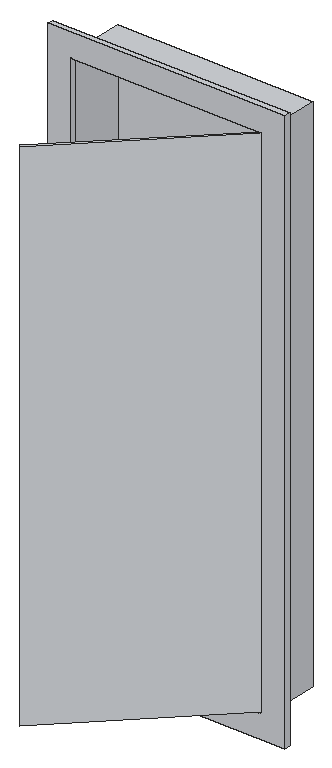
Revit family "Volta-IP30-Hollow_wall-leer-NoHosted-AT-de", category Electrical Equipment, Revit 2020
Family settings
  Panel Configuration = Two Columns, Circuits Across
  Round Connector Dimension = Use Diameter
  Part Type = Panelboard
  Work Plane-Based = Yes
  Always vertical = Yes
  Cut with Voids When Loaded = No
  Shared = No
  Room Calculation Point = No
Parameters (values of type "Unterputz IP30 B348 H880.5 T98 12 Teilungseinheiten - VH60WWH")
  Width Control [instance] = if([HG000006 - Unterputz], if([EF000846 - Einbaubreite] > min_whd, [EF000846 - Einbaubreite], min_whd), if([EF000008 - Breite] > min_whd, ([EF000008 - Breite]), min_whd))  # 314 mm
  Void Depth [instance] = if([EF000218 - Einbautiefe] > 1 mm, [EF000218 - Einbautiefe], 1 mm)  # 89 mm
  Type Comments = [HG000003 - Bereich]  # "Volta"
  System Height [instance] = Height Control - 2 * [HG000005 - Dicke]  # 839 mm
  Panel Name [instance] = ""  # (empty or 0)
  Offset [instance] = 0 mm
  Model = [HG000004 - Herstellerreferenz]  # "VH60WWH"
  Level Offset [instance] = [Flush Mounted - Door Frame Width] + Offset  # 35 mm
  HG000011 - Leere Reihen von unten = no
  HG000010 - Asymmetrische Türen = no
  HG000009 - Doppelflügeligen Tür = no
  HG000008 - Anzahl der leeren Reihen = 0
  HG000007 - Anzahl der leeren Spalten = 0
  HG000006 - Unterputz = yes
  HG000005 - Dicke = 3 mm  # constant formula
  HG000004 - Herstellerreferenz = "VH60WWH"
  HG000003 - Bereich = "Volta"
  HG000002 - Mit tür = yes
  HG000001 - Anzahl der Spalten = 0
  EF015941 - Signaldurchlassende Tür = no
  EF015777 - Neutralleiterklemmenblock = no
  EF015776 - Erdungsklemmenblock = no
  EF009212 - Ausführung Deckel = "EV009916 - mit Ausschnitt"
  EF006306 - Mit Schloss = no
  EF006244 - Transparenter Deckel/Tür = no
  EF005474 - Schutzart (IP) = "EV006410 - IP30"
  EF004462 - Art der Schließung = "EV000154 - sonstige"
  EF002950 - Breite in Teilungseinheiten = 12
  EF001596 - Werkstoff des Gehäuses = "EV000154 - sonstige"
  EF001134 - DIN-Schiene = yes
  EF001131 - Innentiefe = 92 mm
  EF001088 - Anbaumöglichkeit = yes
  EF001062 - EMV-Ausführung = no
  EF000846 - Einbaubreite = 314 mm
  EF000339 - Art der Abdeckung = "EV004216 - Tür"
  EF000332 - Einbauhöhe = 845 mm
  EF000266 - Anzahl der Reihen = 0
  EF000218 - Einbautiefe = 89 mm
  EF000118 - Mit Montageplatte = yes
  EF000116 - RAL-Nummer = "9010"
  EF000049 - Tiefe = 98 mm
  EF000040 - Höhe = 880 mm
  EF000008 - Breite = 348 mm
  EF000007 - Farbe = "EV000202 - weiß"
  EF000003 - Montageart = "EV000128 - Hohlwand"
  Description = ""
  Default Elevation = 1219.2 mm
  Arrow Offset [instance] = Depth Control / 8  # 11.125 mm
  Arrow Height [instance] = Depth Control - Arrow Offset  # 77.875 mm
  Host Offset [instance] = if([HG000006 - Unterputz], 0 mm, [EF000049 - Tiefe])  # 0 mm
  min_whd [instance] = (2 * [HG000005 - Dicke]) + 1 mm  # 7 mm
  Manufacturer = "Hager"  # constant formula
  Height Control [instance] = if([HG000006 - Unterputz], if([EF000332 - Einbauhöhe] > min_whd, [EF000332 - Einbauhöhe], min_whd), if([EF000040 - Höhe] > min_whd, ([EF000040 - Höhe]), min_whd))  # 845 mm
  Flush Mounted - Door Frame Width [instance] = if(([EF000040 - Höhe] - [EF000332 - Einbauhöhe]) > 0 mm, if([HG000006 - Unterputz], [EF000040 - Höhe] - [EF000332 - Einbauhöhe], 0 mm), 0 mm)  # 35 mm
  Tür rechts [instance] = yes
  Tür links [instance] = not(Tür rechts)  # no
  Türschwenkwinkel [instance] = 45.00°
  3D-Türsichtbarkeit [instance] = yes
  Depth Control [instance] = if([HG000006 - Unterputz], if([EF000218 - Einbautiefe] > 0 mm, [EF000218 - Einbautiefe], 1 mm), if([EF000049 - Tiefe] > 0 mm, ([EF000049 - Tiefe]), 1 mm))  # 89 mm
  Sichtbarkeit der Türöffnung [instance] = no
Types (10, lengths in mm): name | System Height | Model | Level Offset | HG000004 - Herstellerreferenz | EF000332 - Einbauhöhe | EF000040 - Höhe | Height Control | Flush Mounted - Door Frame Width
  Unterputz IP30 B348 H505.5 T98 12 Teilungseinheiten - VH24NWB | 464 | "VH24NWB" | 36 | "VH24NWB" | 470 | 506 | 470 | 36
  Unterputz IP30 B348 H630.5 T98 12 Teilungseinheiten - VH36NW | 589 | "VH36NW" | 35 | "VH36NW" | 595 | 630 | 595 | 35
  Unterputz IP30 B348 H630.5 T98 12 Teilungseinheiten - VH36NWB | 589 | "VH36NWB" | 35 | "VH36NWB" | 595 | 630 | 595 | 35
  Unterputz IP30 B348 H630.5 T98 12 Teilungseinheiten - VH36WWH | 589 | "VH36WWH" | 35 | "VH36WWH" | 595 | 630 | 595 | 35
  Unterputz IP30 B348 H755.5 T98 12 Teilungseinheiten - VH48NW | 714 | "VH48NW" | 36 | "VH48NW" | 720 | 756 | 720 | 36
  Unterputz IP30 B348 H755.5 T98 12 Teilungseinheiten - VH48NWB | 714 | "VH48NWB" | 36 | "VH48NWB" | 720 | 756 | 720 | 36
  Unterputz IP30 B348 H755.5 T98 12 Teilungseinheiten - VH48WWH | 714 | "VH48WWH" | 36 | "VH48WWH" | 720 | 756 | 720 | 36
  Unterputz IP30 B348 H880.5 T98 12 Teilungseinheiten - VH60NW | 839 | "VH60NW" | 35 | "VH60NW" | 845 | 880 | 845 | 35
  Unterputz IP30 B348 H880.5 T98 12 Teilungseinheiten - VH60NWB | 839 | "VH60NWB" | 35 | "VH60NWB" | 845 | 880 | 845 | 35
  Unterputz IP30 B348 H880.5 T98 12 Teilungseinheiten - VH60WWH | 839 | "VH60WWH" | 35 | "VH60WWH" | 845 | 880 | 845 | 35
Reference planes
  plane 1 "Center (Front/Back)": y = 0
  plane 2: z = 0
  plane 3 "Center (Left/Right)": x = 0
  plane 4: y = 38
  plane 5: y = 89
  plane 6: y = 35
  plane 7: z = 0
  plane 8: x = -157
  plane 9: x = 157
  plane 10: x = 154
  plane 11: x = -154
  plane 12: z = 35
  plane 13: z = 38
  plane 14: y = 5
  plane 15: y = 0
  plane 16: y = 86
  plane 17: z = 877
  plane 18: z = 880
  plane 19: z = 457.5
  plane 20: x = 2000
  plane 21: x = 0
  plane 22: y = -2100
  plane 23: y = -100
Forms (mm)
  Extrusion 1, solid
    sketch origin (-208.679, -4572, 35) x (-1, 0, 0) y (0, -1, 0)
      loop
        line (-51.679, -4572) -> (-365.679, -4572) -> (-365.679, -4661) -> (-51.679, -4661) -> (-51.679, -4572)
    from 0 to 845 <- "Height Control"
  Extrusion 2, void
    sketch origin (-350.771, 0, 1219.2) x (1, 0, 0) y (0, 0, 1)
      loop
        line (196.771, -342.2) -> (196.771, -1181.2) -> (504.771, -1181.2) -> (504.771, -342.2) -> (196.771, -342.2)
    from 0 to -86
  Extrusion 3, solid, detail levels coarse
    sketch origin (-350.771, 0, 1219.2) x (-1, 0, 0) y (0, 0, 1)
      loop
        line (-196.771, -342.2) -> (-504.771, -342.2) -> (-504.771, -1181.2) -> (-196.771, -1181.2) -> (-196.771, -342.2)
    from 0 to 3 <- "HG000005 - Dicke"
Cuts and joins
  Extrusion 2 cuts Extrusion 1
Dimensions and locks
  "Flush Mounted - Door Frame Width": plane 1 "Center (Front/Back)" to plane 6
  "HG000005 - Dicke": plane 4 to plane 6
  "HG000005 - Dicke": plane 8 to plane 11
  "HG000005 - Dicke": plane 9 to plane 10
  equal spacing: plane 8, plane 3 "Center (Left/Right)", plane 9
  "Width Control": plane 8 to plane 9
  locked: plane 14 to plane 15 at 5
  "Host Offset": plane 1 "Center (Front/Back)" to plane 15
  "Depth Control": plane 5 to plane 15
  "HG000005 - Dicke": plane 5 to plane 16
  "HG000005 - Dicke": plane 13 to plane 12
  "Level Offset": plane 12 to level
  "HG000005 - Dicke": plane 18 to plane 17
  "Height Control": plane 18 to plane 12
  "Arrow Offset": plane 5 to nested 4
  equal spacing: plane 18, plane 19, plane 12
  locked: connector elem to plane 19
  locked: connector elem to plane 3 "Center (Left/Right)"
  locked: plane 3 "Center (Left/Right)" to plane 20 at 2000
  locked: plane 21 to plane 20 at 2000
  locked: plane 23 to plane 22 at 2000
  aligned and locked: nested 1 to plane 14
  aligned and locked: plane 3 "Center (Left/Right)" to nested 1
  aligned and locked: plane 3 "Center (Left/Right)" to nested 2
  aligned and locked: nested 2 to plane 15
  aligned and locked: plane 5 to Extrusion 1
  aligned and locked: Extrusion 3 sketch curve to plane 17
  aligned and locked: Extrusion 3 sketch curve to plane 11
  aligned and locked: plane 13 to Extrusion 3 sketch curve
  aligned and locked: Extrusion 3 sketch curve to plane 10
  aligned and locked: plane 13 to Extrusion 2 sketch curve
  aligned and locked: Extrusion 2 sketch curve to plane 10
  aligned and locked: Extrusion 2 sketch curve to plane 17
  aligned and locked: Extrusion 2 sketch curve to plane 11
  aligned and locked: plane 16 to Extrusion 2
  aligned and locked: plane 5 to Extrusion 1 sketch curve
  aligned and locked: plane 9 to Extrusion 1 sketch curve
  aligned and locked: plane 8 to Extrusion 1 sketch curve
  aligned and locked: plane 8 to nested 4
  aligned and locked: plane 8 to nested 3
  aligned and locked: nested 3 to plane 5
  aligned and locked: Extrusion 1 sketch curve to plane 15
  aligned and locked: Extrusion 2 to plane 15
Nested families
  nested 1: "Hager_Enclosure_System" at (0, 5, 38), No_Columns <- "HG000001 - Anzahl der Spalten", Flush_Mounted <- "HG000006 - Unterputz", Width <- "EF000008 - Breite", Height <- "System Height", Width_Control <- "Width Control", Row_Module_Multiplicator <- "EF002950 - Breite in Teilungseinheiten", Empty_Columns <- "HG000007 - Anzahl der leeren Spalten", No_Rows <- "EF000266 - Anzahl der Reihen", Built-in_Width <- "EF000846 - Einbaubreite", Border <- "HG000005 - Dicke", Total_No_Empty_Rows <- "HG000008 - Anzahl der leeren Reihen", Depth <- "HG000005 - Dicke", Empty_Rows_From_Bottom <- "HG000011 - Leere Reihen von unten", type "Hager_Enclosure_System", detail levels medium+fine
    with Width_Control 314 mm, Width 348 mm, Total_No_Rows 0, Total_No_Empty_Rows 0, Total_No_Columns 1, System_Width 308 mm, Rows_Column 0, Row_Module_Multiplicator 12, Panel_4 no, Panel_3 no, Panel_2 no, Panel_1 no, No_Rows 0, No_Panels_Ctrl 1, No_Columns 0, Hide_Columns yes, Height 839 mm, Flush_Mounted yes, Empty_Rows_From_Bottom no, Empty_Rows_Column 0, Empty_Columns 0, Depth 3 mm, Column_Width 308 mm, Built-in_Width 314 mm, Border 3 mm
  nested 2: "Hager_Enclosure_Door" at (0, 0, 35), Double <- "HG000009 - Doppelflügeligen Tür", Height_Ctrl <- "Height Control", Transparent <- "EF006244 - Transparenter Deckel/Tür", Depth <- "EF000049 - Tiefe", Height <- "EF000040 - Höhe", Angle <- "Türschwenkwinkel", Door_Right <- "Tür rechts", Assymetrical <- "HG000010 - Asymmetrische Türen", Flush_Mounted <- "HG000006 - Unterputz", BuiltIn_Depth <- "EF000218 - Einbautiefe", BuiltIn_Width <- "EF000846 - Einbaubreite", Door <- "HG000002 - Mit tür", Width_Ctrl <- "Width Control", 3d_Door <- "3D-Türsichtbarkeit", Width <- "EF000008 - Breite", Border <- "HG000005 - Dicke", BuiltIn_Height <- "EF000332 - Einbauhöhe", Clearance <- "Sichtbarkeit der Türöffnung", Door_Left <- "Tür links", type "Hager_Enclosure_Door", detail levels medium+fine
    with min_wh 7 mm, Width_Ctrl 314 mm, Width 348 mm, Transparent no, Leaf_Width 305 mm, Leaf_Tolerance 1.5 mm, Leaf_Height 836 mm, Leaf_2_Width 305 mm, Leaf_2_Offset 152.5 mm, Leaf_1_Width 305 mm, Leaf_1_Offset 152.5 mm, Height_Ctrl 845 mm, Height 880 mm, Frame_Width_Ctrl 34 mm, Frame_Width 34 mm, Frame_Internal_Offset 3 mm, Frame_Height_Ctrl 35 mm, Frame_Height 35 mm, Frame_Depth_Ctrl 9 mm, Frame_Depth 9 mm, Flush_Mounted yes, Double_Clearance_Ctrl no, Double no, Door_Right_Ctrl yes, Door_Right yes, Door_Left_Ctrl no, Door_Left no, Door yes, Depth 98 mm, Clearance_Depth 305 mm, Clearance_Ctrl no, Clearance no, BuiltIn_Width 314 mm, BuiltIn_Height 845 mm, BuiltIn_Depth 89 mm, Border 3 mm, Assymetrical no, Angle 45.00°, 3d_Door yes
  nested 3: "Hager_Enclosure_Symbol_Triangle" at (-157, 89, 0), Depth <- "Depth Control", Width <- "Width Control", type "Hager_Enclosure_Symbol_Triangle"
    with Width_Ctrl 314 mm, Width 314 mm, Depth_Ctrl 89 mm, Depth 89 mm
  nested 4: "Hager_Enclosure_Symbol_Arrow" at (-157, 77.875, 0), Height <- "Arrow Height", type "Hager_Enclosure_Symbol_Arrow"
    with Width_Inside 5.841 mm, Width 70.087 mm, Height_Ctrl 77.875 mm, Height 77.875 mm
Connectors
  electrical at (0, 89, 457.5)
    settings: on plane 5, index 1, voltage 0 V, apparent load 0 VA, apparent load phase1 0 VA, apparent load phase2 0 VA, apparent load phase3 0 VA, power factor 1, load classification "Other", number of poles 1, system type 30, power factor state 1, is connector primary yes, connector utility no, sub classification motor no, connector description ""
Definition of nested family "Hager_Enclosure_Door"
  Parameters (values of type "Hager_Enclosure_Door")
    min_wh [instance] = (2 * Border) + 1 mm  # 11 mm
    Width_Ctrl [instance] = 400 mm
    Width [instance] = 500 mm
    Transparent [instance] = yes
    Leaf_Width [instance] = if((Width_Ctrl - 2 * Border - 2 * Leaf_Tolerance) > 0 mm, (Width_Ctrl - 2 * Border - 2 * Leaf_Tolerance), min_wh)  # 387 mm
    Leaf_Tolerance [instance] = 1.5 mm  # constant formula
    Leaf_Height [instance] = if((Height_Ctrl - 2 * Border - 2 * Leaf_Tolerance) > 0 mm, (Height_Ctrl - 2 * Border - 2 * Leaf_Tolerance), min_wh)  # 387 mm
    Leaf_2_Width [instance] = if(and(and(Double, Assymetrical), Door_Left), (Leaf_Width / 3) - (Leaf_Tolerance / 2), if(and(and(Double, Assymetrical), Door_Right), (Leaf_Width / 3) * 2 - (Leaf_Tolerance / 2), if(and(Double, not(Assymetrical)), (Leaf_Width / 2) - Leaf_Tolerance, Leaf_Width)))  # 192 mm
    Leaf_2_Offset [instance] = if(and(Double, Assymetrical), Leaf_2_Width / 2, if(and(Double, not(Assymetrical)), Leaf_Width / 4, Leaf_Width / 2))  # 96.75 mm
    Leaf_1_Width [instance] = if(and(and(Double, Assymetrical), Door_Right), (Leaf_Width / 3) - (Leaf_Tolerance / 2), if(and(and(Double, Assymetrical), Door_Left), (Width / 3) * 2 - (Leaf_Tolerance / 2), if(and(Double, not(Assymetrical)), (Leaf_Width / 2) - Leaf_Tolerance, Leaf_Width)))  # 192 mm
    Leaf_1_Offset [instance] = if(and(Double, Assymetrical), Leaf_1_Width / 2, if(and(Double, not(Assymetrical)), Leaf_Width / 4, Leaf_Width / 2))  # 96.75 mm
    Height_Ctrl [instance] = 400 mm
    Height [instance] = 500 mm
    Frame_Width_Ctrl [instance] = if(Frame_Width > 0 mm, Frame_Width, 1 mm)  # 1 mm
    Frame_Width [instance] = Width - BuiltIn_Width  # 0 mm
    Frame_Internal_Offset [instance] = if(Flush_Mounted, Border, 0 mm)  # 0 mm
    Frame_Height_Ctrl [instance] = if(Frame_Height > 0 mm, Frame_Height, 1 mm)  # 1 mm
    Frame_Height [instance] = Height - BuiltIn_Height  # 0 mm
    Frame_Depth_Ctrl [instance] = if(Frame_Depth > 0 mm, Frame_Depth, 1 mm)  # 1 mm
    Frame_Depth [instance] = if(Depth - BuiltIn_Depth > 0 mm, if(Flush_Mounted, Depth - BuiltIn_Depth, 0 mm), 0 mm)  # 0 mm
    Flush_Mounted [instance] = no
    Double_Clearance_Ctrl [instance] = and(Double, Clearance)  # yes
    Double [instance] = yes
    Door_Right_Ctrl [instance] = and(or(Door_Right, Double), Door)  # yes
    Door_Right [instance] = yes
    Door_Left_Ctrl [instance] = and(or(Door_Left, Double), Door)  # yes
    Door_Left [instance] = no
    Door [instance] = yes
    Depth [instance] = 500 mm
    Default Elevation = 1219.2 mm
    Clearance_Material = none
    Clearance_Depth [instance] = if(Leaf_1_Width > Leaf_2_Width, Leaf_1_Width, Leaf_2_Width)  # 192 mm
    Clearance_Ctrl [instance] = and(not(Double), Clearance)  # no
    Clearance [instance] = yes
    BuiltIn_Width [instance] = 500 mm
    BuiltIn_Height [instance] = 500 mm
    BuiltIn_Depth [instance] = 500 mm
    Border [instance] = 5 mm
    Assymetrical [instance] = no
    Angle [instance] = 65.00°
    3d_Door [instance] = yes
  Reference planes
    plane 1 "Center (Front/Back)": y = 0
    plane 2 "Bottom": z = 0
    plane 3 "Center (Left/Right)": x = 0
    plane 4: z = 400
    plane 5: x = -200
    plane 6: x = 200
    plane 7: z = 395
    plane 8: x = -195
    plane 9: z = 5
    plane 10: x = 195
    plane 11: y = 0
    plane 12: z = 6.5
    plane 13: x = -387
    plane 14: y = -192
    plane 15: x = 387
    plane 16: x = -96.75
    plane 17: x = 96.75
    plane 18: x = -193.5
    plane 19: x = 193.5
    plane 20: z = 393.5
  Forms (mm)
    Extrusion 1, solid, visible <- "Flush_Mounted"
      sketch origin (0, 0, 0) x (1, 0, 0) y (0, 0, 1)
        loop
          line (200, 0) -> (200, 400) -> (-200, 400) -> (-200, 0) -> (200, 0)
        loop
          line (-201, 401) -> (-201, -1) -> (201, -1) -> (201, 401) -> (-201, 401)
      from 0 to 1 <- "Frame_Depth_Ctrl"
    Extrusion 2, solid, material <- "Clearance_Material", visible <- "Double_Clearance_Ctrl"
      sketch origin (1200, 0, 0) x (1, 0, 0) y (0, 0, -1)
        loop
          line (-1587, -393.5) -> (-813, -393.5) -> (-813, 0) -> (-1587, 0) -> (-1587, -393.5)
      from 0 to -192
  Dimensions and locks
    equal spacing: plane 5, plane 3 "Center (Left/Right)", plane 6
    "Width_Ctrl": plane 5 to plane 6
    "Border": plane 5 to plane 8
    "Border": plane 6 to plane 10
    "Border": plane 9 to level
    "Border": plane 4 to plane 7
    "Height_Ctrl": plane 4 to level
    "Leaf_Tolerance": plane 12 to plane 9
    "Frame_Depth": plane 11 to plane 1 "Center (Front/Back)"
    "Frame_Width_Ctrl": plane 5 to Extrusion 1 sketch curve
    "Frame_Width_Ctrl": plane 6 to Extrusion 1 sketch curve
    "Frame_Width_Ctrl": Extrusion 1 sketch curve to plane 4
    "Frame_Width_Ctrl": plane 2 "Bottom" to Extrusion 1 sketch curve
    "Leaf_1_Offset": plane 18 to plane 16
    "Leaf_2_Offset": plane 17 to plane 19
    "Leaf_1_Width": plane 13 to plane 8
    "Leaf_2_Width": plane 10 to plane 15
    "Clearance_Depth": plane 14 to plane 1 "Center (Front/Back)"
    "Leaf_Tolerance": plane 8 to plane 18
    "Leaf_Tolerance": plane 19 to plane 10
    "Leaf_Tolerance": plane 7 to plane 20
    "Frame_Internal_Offset": plane 5 to Extrusion 1 sketch curve
    "Frame_Internal_Offset": Extrusion 1 sketch curve to plane 2 "Bottom"
    "Frame_Internal_Offset": plane 6 to Extrusion 1 sketch curve
    "Frame_Internal_Offset": plane 4 to Extrusion 1 sketch curve
    aligned and locked: level to plane 2 "Bottom"
    aligned and locked: nested 1 to plane 16
    aligned and locked: nested 2 to plane 17
    aligned and locked: Extrusion 2 to plane 13
    aligned and locked: plane 15 to Extrusion 2
    aligned and locked: Extrusion 2 to plane 14
    aligned and locked: plane 12 to nested 1
    aligned and locked: nested 2 to plane 12
    aligned and locked: Extrusion 2 to plane 11
    aligned and locked: plane 20 to Extrusion 2
    aligned and locked: nested 2 to plane 11
    aligned and locked: nested 1 to plane 11
  Automatic sketch dimensions
    Extrusion 2 sketch curve to level = 0 mm
    plane 5 to Extrusion 2 sketch curve = 187 mm
    plane 6 to Extrusion 2 sketch curve = 187 mm
    Extrusion 2 sketch curve to plane 4 = 6.5 mm
  Nested families
    nested 1: "Hager_Enclosure_Door_Leaf" at (-96.75, 0, 6.5), Width <- "Leaf_1_Width", visible <- "Door_Left_Ctrl", Leaf_Height <- "Leaf_Height", Angle <- "Angle", Depth <- "Border", 3d_Door <- "3d_Door", Transparent <- "Transparent", Clearance Material <- "Clearance_Material", Clearance <- "Clearance_Ctrl", type "Hager_Enclosure_Door_Leaf"
      with Width 192 mm, Transparent_Door_Border 25 mm, Transparent_Ctrl yes, Transparent yes, Standard no, Leaf_Height 387 mm, Glass_Offset 1 mm, Depth 5 mm, Clearance Material none, Clearance no, Angle_Ctrl 65.00°, Angle 65.00°, 3d_Door yes
    nested 2: "Hager_Enclosure_Door_Leaf" at (96.75, 0, 6.5) x (-1, 0, 0) z (0, 0, 1), Width <- "Leaf_2_Width", visible <- "Door_Right_Ctrl", Leaf_Height <- "Leaf_Height", Angle <- "Angle", Depth <- "Border", 3d_Door <- "3d_Door", Transparent <- "Transparent", Clearance Material <- "Clearance_Material", Clearance <- "Clearance_Ctrl", type "Hager_Enclosure_Door_Leaf"
      with Width 192 mm, Transparent_Door_Border 25 mm, Transparent_Ctrl yes, Transparent yes, Standard no, Leaf_Height 387 mm, Glass_Offset 1 mm, Depth 5 mm, Clearance Material none, Clearance no, Angle_Ctrl 65.00°, Angle 65.00°, 3d_Door yes
  Definition of nested family "Hager_Enclosure_Door_Leaf"
    Parameters (values of type "Hager_Enclosure_Door_Leaf")
      Width [instance] = 200 mm
      Transparent_Door_Border [instance] = 25 mm  # constant formula
      Transparent_Ctrl [instance] = and(Transparent, [3d_Door])  # yes
      Transparent [instance] = yes
      Standard [instance] = and(not(Transparent), [3d_Door])  # no
      Leaf_Height [instance] = 500 mm
      Glass_Offset [instance] = if((Depth - 10 mm) / 2 > 0 mm, (Depth - 10 mm) / 2, 1 mm)  # 1 mm
      Glass_Material = none
      Depth [instance] = 3 mm
      Default Elevation = 0 mm
      Clearance Material [instance] = none
      Clearance [instance] = no
      Angle_Ctrl [instance] = if(Angle > 170.00°, 170.00°, Angle)  # 163.00°
      Angle [instance] = 163.00°
      3d_Door [instance] = yes
    Reference planes
      plane 1 "Center (Front/Back)": y = 0
      plane 2: z = 0
      plane 3 "Center (Left/Right)": x = 0
      plane 4: y = 200
      plane 5: x = -100
      plane 6: x = 100
      plane 7: x = -300
      plane 8: z = 500
      plane 9: z = 25
      plane 10: z = 475
      plane 11: x = 75
      plane 12: x = -75
    Forms (mm)
      Extrusion 1, solid, material <- "Clearance Material", visible <- "Clearance"
        sketch origin (0, 0, 0) x (1, 0, 0) y (0, 0, 1)
          loop
            line (-300, 500) -> (-300, 0) -> (100, 0) -> (100, 500) -> (-300, 500)
        from 0 to -200
      Extrusion 2, solid, visible <- "Standard", detail levels fine
        sketch origin (-100, 0, 0) x (-0.956305, 0.292372, 0) y (-0.292372, -0.956305, 0)
          loop
            line (0, -3) -> (200, -3) -> (200, 0) -> (0, 0) -> (0, -3)
        from 0 to 500 <- "Leaf_Height"
      Extrusion 3, solid, visible <- "Transparent_Ctrl", detail levels fine
        sketch origin (-100, 0, 0) x (-0.956305, 0.292372, 0) y (-0.292372, -0.956305, 0)
          loop
            line (0, -3) -> (200, -3) -> (200, 0) -> (0, 0) -> (0, -3)
        from 0 to 500 <- "Leaf_Height"
      Extrusion 4, void, detail levels fine
        sketch origin (-100, 0, 0) x (-0.292372, -0.956305, 0) y (-0.956305, 0.292372, 0)
          loop
            line (0, 25) -> (0, 175) -> (-3, 175) -> (-3, 25) -> (0, 25)
        from -475 to -25
      Extrusion 5, solid, material <- "Glass_Material", visible <- "Transparent_Ctrl", detail levels fine
        sketch origin (-100, 0, 0) x (-0.956305, 0.292372, 0) y (-0.292372, -0.956305, 0)
          loop
            line (25, -1) -> (25, -2) -> (175, -2) -> (175, -1) -> (25, -1)
        from 25 to 475
    Cuts and joins
      Extrusion 4 cuts Extrusion 3
    Lines and regions (mm)
      symbolic lines
        curve 1: line (100, 0, 0) -> (-300, 0, 0)
        curve 2: arc (100, 0, 0) -> (-100, 200, 0) -> (-300, 0, 0) r 200
        curve 4: line (-100, 0, 0) -> (-291.261, 58.474, 0)
      reference lines
        curve 3: line (-100, 0, 0) -> (-291.261, 58.474, 0)
      symbolic lines, detail levels medium+fine
        curve 5: line (-291.261, 58.474, 0) -> (-290.384, 61.343, 0)
        curve 6: line (-290.384, 61.343, 0) -> (-99.123, 2.869, 0)
        curve 7: line (-99.123, 2.869, 0) -> (-100, 0, 0)
      symbolic lines, detail levels fine
        curve 8: line (-100, 0, 500) -> (100, 0, 500)
        curve 9: line (-100, 0, 0) -> (-100, 0, 500)
        curve 10: line (100, 0, 0) -> (-100, 0, 0)
        curve 11: line (100, 0, 500) -> (100, 0, 0)
      symbolic lines, visible <- "Transparent_Ctrl", detail levels fine
        curve 12: line (-75, 0, 475) -> (75, 0, 475)
        curve 13: line (-75, 0, 25) -> (-75, 0, 475)
        curve 14: line (75, 0, 25) -> (-75, 0, 25)
        curve 15: line (75, 0, 475) -> (75, 0, 25)
    Dimensions and locks
      "Width": plane 1 "Center (Front/Back)" to plane 4
      equal spacing: plane 5, plane 3 "Center (Left/Right)", plane 6
      "Width": plane 5 to plane 6
      "Width": plane 7 to plane 5
      "Leaf_Height": plane 8 to level
      "Depth": curve 6 to curve 3
      "Width": curve 5 to curve 3
      "Width": curve 3 to curve 3
      "Transparent_Door_Border": Extrusion 4 sketch curve to curve 7
      "Transparent_Door_Border": Extrusion 4 sketch curve to curve 5
      "Transparent_Door_Border": plane 8 to plane 10
      "Transparent_Door_Border": plane 9 to level
      "Glass_Offset": Extrusion 5 sketch curve to curve 4
      "Glass_Offset": Extrusion 5 sketch curve to curve 6
      "Transparent_Door_Border": Extrusion 5 sketch curve to curve 5
      "Transparent_Door_Border": Extrusion 5 sketch curve to curve 7
      "Transparent_Door_Border": plane 12 to plane 5
      "Transparent_Door_Border": plane 6 to plane 11
      "Angle_Ctrl": angle plane 1 "Center (Front/Back)" to curve 3
      aligned and locked: level to plane 2
      aligned and locked: Extrusion 1 to curve 1
      aligned and locked: plane 6 to Extrusion 1
      aligned and locked: plane 1 "Center (Front/Back)" to Extrusion 1
      aligned and locked: plane 4 to Extrusion 1
      aligned and locked: plane 8 to Extrusion 1
      aligned and locked: curve 4 to curve 3
      aligned and locked: Extrusion 2 sketch curve to curve 7
      aligned and locked: Extrusion 2 sketch curve to curve 6
      aligned and locked: Extrusion 2 sketch curve to curve 5
      aligned and locked: Extrusion 2 sketch curve to curve 3
      aligned and locked: curve 7 to Extrusion 3 sketch curve
      aligned and locked: Extrusion 3 sketch curve to curve 4
      aligned and locked: Extrusion 3 sketch curve to curve 6
      aligned and locked: Extrusion 3 sketch curve to curve 5
      aligned and locked: curve 4 to Extrusion 4 sketch curve
      aligned and locked: curve 6 to Extrusion 4 sketch curve
      aligned and locked: Extrusion 4 to plane 9
      aligned and locked: Extrusion 4 to plane 10
      aligned and locked: Extrusion 5 to plane 9
      aligned and locked: Extrusion 5 to plane 10
      aligned and locked: curve 8 to plane 8
      aligned and locked: plane 5 to curve 9
      aligned and locked: plane 2 to curve 10
      aligned and locked: curve 11 to plane 6
      aligned and locked: plane 10 to curve 12
      aligned and locked: plane 12 to curve 13
      aligned and locked: plane 9 to curve 14
      aligned and locked: plane 11 to curve 15
    Automatic sketch dimensions
      plane 1 "Center (Front/Back)" to curve 2 = 0 mm
      curve 2 to plane 5 = 0 mm
      Extrusion 1 sketch curve to level = 0 mm
      Extrusion 1 sketch curve to plane 7 = 0 mm
      Extrusion 1 sketch curve to plane 6 = 0 mm
      Extrusion 1 sketch curve to plane 8 = 0 mm
      plane 1 "Center (Front/Back)" to curve 3 = 0 mm
      curve 3 to plane 5 = 0 mm
      curve 7 to curve 3 = 0 mm
Definition of nested family "Hager_Enclosure_Symbol_Triangle"
  Parameters (values of type "Hager_Enclosure_Symbol_Triangle")
    Width_Ctrl [instance] = if(Width > 1 mm, Width, 1 mm)  # 498 mm
    Width [instance] = 498 mm
    Depth_Ctrl [instance] = if(Depth > 1 mm, Depth, 1 mm)  # 72 mm
    Depth [instance] = 72 mm
  Reference planes
    plane 1 "Centre (avant/arrière)": y = 0
    plane 2: z = 0
    plane 3 "Centre (gauche/droite)": x = 0
  Lines and regions (mm)
    Filled region 1, type "Solid_Black", in view "Niveau de réf."
      outline origin (0, 0, 0) x (1, 0, 0) y (0, 1, 0)
        loop
          line (0, 0) -> (498, 0) -> (498, 72) -> (0, 0)
    reference lines, in view "Niveau de réf."
      curve 1: line (-206.153, 72, 0) -> (1083.258, 72, 0)
      curve 2: line (498, 405.456, 0) -> (498, -517.619, 0)
  Dimensions and locks
    "Depth_Ctrl": plane 1 "Centre (avant/arrière)" to curve 1
    "Width_Ctrl": plane 3 "Centre (gauche/droite)" to curve 2
    aligned and locked: curve 1 to Filled region 1 sketch curve
    aligned and locked: Filled region 1 sketch curve to plane 1 "Centre (avant/arrière)"
    aligned and locked: curve 2 to Filled region 1 sketch curve
    aligned and locked: plane 3 "Centre (gauche/droite)" to Filled region 1 sketch curve
    aligned and locked: plane 1 "Centre (avant/arrière)" to Filled region 1 sketch curve
  Automatic sketch dimensions
    curve 1 to plane 3 "Centre (gauche/droite)" = 206.153 mm
    curve 2 to curve 1 = 585.258 mm
    plane 1 "Centre (avant/arrière)" to curve 2 = 517.619 mm
    curve 2 to plane 1 "Centre (avant/arrière)" = 405.456 mm
Definition of nested family "Hager_Enclosure_Symbol_Arrow"
  Parameters (values of type "Hager_Enclosure_Symbol_Arrow")
    Width_Inside [instance] = if(Width / 12 > 2 mm, Width / 12, 2 mm)  # 4.987 mm
    Width [instance] = if(Height_Ctrl * 0.9 > 2 mm, Height_Ctrl * 0.9, 2 mm)  # 59.85 mm
    Height_Ctrl [instance] = if(Height > 2 mm, Height, 2 mm)  # 66.5 mm
    Height [instance] = 66.5 mm
  Reference planes
    plane 1 "Centre (avant/arrière)": y = 0
    plane 2: z = 0
    plane 3 "Centre (gauche/droite)": x = 0
    plane 4: x = 59.85
    plane 5: y = 28.263
    plane 6: y = 38.238
    plane 7: y = 66.5
    plane 8: x = 29.925
    plane 9: y = 33.25
  Lines and regions (mm)
    Filled region 1, type "Solid_Black", in view "Niveau de réf."
      outline origin (0, 0, 0) x (1, 0, 0) y (0, 1, 0)
        loop
          line (59.85, 66.5) -> (37.929, 52.827) -> (51.846, 41.935) -> (59.85, 66.5)
    detail lines, in view "Niveau de réf."
      curve 1: line (0, 0, 0) -> (29.925, 38.238, 0)
      curve 2: line (29.925, 38.238, 0) -> (29.925, 28.263, 0)
      curve 3: line (29.925, 28.263, 0) -> (59.85, 66.5, 0)
  Dimensions and locks
    "Width": plane 3 "Centre (gauche/droite)" to plane 4
    "Height_Ctrl": plane 7 to plane 1 "Centre (avant/arrière)"
    equal spacing: plane 3 "Centre (gauche/droite)", plane 8, plane 4
    equal spacing: plane 7, plane 9, plane 1 "Centre (avant/arrière)"
    equal spacing: plane 6, plane 9, plane 5
    "Width_Inside": plane 6 to plane 9
    equal spacing: curve 3, Filled region 1 sketch curve, Filled region 1 sketch curve
    angle Filled region 1 sketch curve to curve 3 = 20.00°
    angle curve 3 to Filled region 1 sketch curve = 20.00°
    locked: curve 3 to Filled region 1 sketch curve (angle 90.00°)
  Automatic sketch dimensions
    plane 1 "Centre (avant/arrière)" to curve 1 = 0 mm
    curve 1 to plane 3 "Centre (gauche/droite)" = 0 mm
    curve 2 to plane 6 = 0 mm
    curve 3 to plane 8 = 0 mm
    curve 3 to plane 4 = 0 mm
    curve 2 to plane 5 = 0 mm
    curve 3 to plane 7 = 0 mm
    Filled region 1 sketch curve to plane 4 = 0 mm
    Filled region 1 sketch curve to plane 7 = 0 mm
